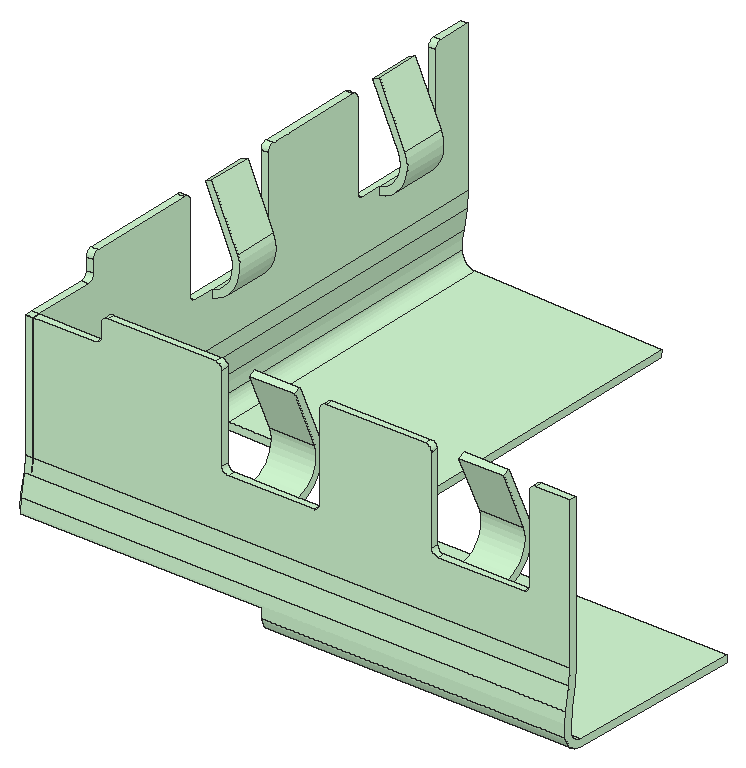
Revit family "25lbarj_el3025_in", category 機械設備, Revit 2022
Family settings
  丸型コネクタ寸法 = 直径を使用
  種別 = なし
  パーツ タイプ = 標準
  作業面ベース = いいえ
  常に垂直 = はい
  ロード時にボイドで切り取り = いいえ
  注釈の向きを維持 = いいえ
  共有 = いいえ
  部屋計算ポイント = いいえ
Parameters
  製造元 = "株式会社桐井製作所"
  既定の高さ = 0 mm
  URL = "https://www.kirii.co.jp/"
  K_材質 = "溶融亜鉛めっき鋼板及び鋼帯 SGCC 一般用"
  K_品名 = "25Lバー入隅J-eL3025(ツメ)"
  K_名称 = "Lバージョイント"
  K_入数 = "300"
  K_備考 = "対象Lバー:eL3025(25面）"
  K_バージョン情報 = "20220915"
  K_めっき付着量 = "Z12"
  K_JIS規格 = "JIS G 3302"
Reference planes
  plane 1 "中心(正面/背面)": y = 0
  plane 2: z = 0
  plane 3 "中心(左/右)": x = 0
Forms (mm)
  Extrusion 1, solid
    sketch origin (0, 0, 0) x (0, 1, 0) y (0, 0, 1)
      loop
        arc (-0.8, 8.594) -> (-0.836, 7.748) -> (-0.943, 6.909) r 10
        line (-0.943, 6.909) -> (-1.357, 4.488)
        arc (-1.357, 4.488) -> (-1.492, 3.205) -> (-1.461, 1.915) r 10
        arc (-1.461, 1.915) -> (-0.699, 0.595) -> (0.72, 0.041) r 2.3
        line (0.72, 0.041) -> (21.2, -0.5) -> (21.228, 0.3) -> (0.747, 0.84)
        arc (0.747, 0.84) -> (-0.324, 1.346) -> (-0.694, 2.472) r 1.5
        arc (-0.694, 2.472) -> (-0.68, 3.416) -> (-0.568, 4.353) r 9.2
        line (-0.568, 4.353) -> (-0.154, 6.774)
        arc (-0.154, 6.774) -> (-0.039, 7.681) -> (0, 8.594) r 10.8
        line (0, 8.594) -> (0, 25.5) -> (-0.8, 25.5) -> (-0.8, 8.594)
    from -0.8 to 60.2
  Extrusion 2, void
    sketch origin (0, 0, 0) x (1, 0, 0) y (0, 0, 1)
      loop
        line (21.2, 24.8) -> (21.2, 15.2)
        arc (21.2, 15.2) -> (21.405, 14.705) -> (21.9, 14.5) r 0.7
        line (21.9, 14.5) -> (31.5, 14.5)
        arc (31.5, 14.5) -> (31.995, 14.705) -> (32.2, 15.2) r 0.7
        line (32.2, 15.2) -> (32.2, 24.8)
        arc (32.2, 24.8) -> (32.405, 25.295) -> (32.9, 25.5) r 0.7
        line (32.9, 25.5) -> (20.5, 25.5)
        arc (20.5, 25.5) -> (20.995, 25.295) -> (21.2, 24.8) r 0.7
    from 0 to 0.8
  Extrusion 3, void
    sketch origin (23.5, 0, 0) x (1, 0, 0) y (0, 0, 1)
      loop
        line (21.2, 24.8) -> (21.2, 15.2)
        arc (21.2, 15.2) -> (21.405, 14.705) -> (21.9, 14.5) r 0.7
        line (21.9, 14.5) -> (31.5, 14.5)
        arc (31.5, 14.5) -> (31.995, 14.705) -> (32.2, 15.2) r 0.7
        line (32.2, 15.2) -> (32.2, 24.8)
        arc (32.2, 24.8) -> (32.405, 25.295) -> (32.9, 25.5) r 0.7
        line (32.9, 25.5) -> (20.5, 25.5)
        arc (20.5, 25.5) -> (20.995, 25.295) -> (21.2, 24.8) r 0.7
    from 0 to 0.8
  Extrusion 4, void
    sketch origin (0, 0, 0) x (0, 1, 0) y (0, 0, 1)
      loop
        line (55.7, 15.2) -> (55.7, 24.8)
        arc (55.7, 24.8) -> (55.905, 25.295) -> (56.4, 25.5) r 0.7
        line (56.4, 25.5) -> (44, 25.5)
        arc (44, 25.5) -> (44.495, 25.295) -> (44.7, 24.8) r 0.7
        line (44.7, 24.8) -> (44.7, 15.2)
        arc (44.7, 15.2) -> (44.905, 14.705) -> (45.4, 14.5) r 0.7
        line (45.4, 14.5) -> (55, 14.5)
        arc (55, 14.5) -> (55.495, 14.705) -> (55.7, 15.2) r 0.7
    from -0.8 to 0
  Extrusion 5, solid
    sketch origin (-0.8, 0, 0) x (-1, 0, 0) y (0, 0, -1)
      loop
        arc (-0.646, -6.776) -> (-0.76, -7.681) -> (-0.8, -8.594) r 10.799
        line (-0.8, -8.594) -> (-0.8, -25.5) -> (0, -25.5) -> (0.001, -8.594)
        arc (0.001, -8.594) -> (0.036, -7.749) -> (0.142, -6.911) r 10
        line (0.142, -6.911) -> (0.556, -4.489)
        arc (0.556, -4.489) -> (0.691, -3.206) -> (0.66, -1.917) r 10
        arc (0.66, -1.917) -> (-0.101, -0.598) -> (-1.521, -0.041) r 2.299
        line (-1.521, -0.041) -> (-22.472, 0.5) -> (-22.5, -0.3) -> (-1.548, -0.842)
        arc (-1.548, -0.842) -> (-0.476, -1.348) -> (-0.106, -2.474) r 1.5
        arc (-0.106, -2.474) -> (-0.126, -3.501) -> (-0.261, -4.52) r 9.201
        line (-0.261, -4.52) -> (-0.646, -6.776)
    from -60.2 to 0.8
  Extrusion 6, void
    sketch origin (0, 0, 0) x (1, 0, 0) y (0, 1, 0)
      loop
        line (26.2, 25.728) -> (-1.736, 25.728) -> (-1.736, -1.829) -> (26.2, -1.829) -> (26.2, 25.728)
    from -0.8 to 3
  Extrusion 7, void
    sketch origin (0, -23.5, 0) x (0, 1, 0) y (0, 0, 1)
      loop
        line (55.7, 15.2) -> (55.7, 24.8)
        arc (55.7, 24.8) -> (55.905, 25.295) -> (56.4, 25.5) r 0.7
        line (56.4, 25.5) -> (44, 25.5)
        arc (44, 25.5) -> (44.495, 25.295) -> (44.7, 24.8) r 0.7
        line (44.7, 24.8) -> (44.7, 15.2)
        arc (44.7, 15.2) -> (44.905, 14.705) -> (45.4, 14.5) r 0.7
        line (45.4, 14.5) -> (55, 14.5)
        arc (55, 14.5) -> (55.495, 14.705) -> (55.7, 15.2) r 0.7
    from -0.8 to 0
  Extrusion 8, void
    sketch origin (0, 0, 0) x (0, 1, 0) y (0, 0, 1)
      loop
        line (8.4, 25.5) -> (-0.8, 25.5) -> (-0.8, 22.7) -> (7, 22.7)
        arc (7, 22.7) -> (7.495, 22.905) -> (7.7, 23.4) r 0.7
        line (7.7, 23.4) -> (7.7, 24.8)
        arc (7.7, 24.8) -> (7.905, 25.295) -> (8.4, 25.5) r 0.7
    from -0.8 to 0
  Extrusion 9, void
    sketch origin (0, -0.8, 0) x (1, 0, 0) y (0, 0, 1)
      loop
        line (8.4, 25.5) -> (-0.8, 25.5) -> (-0.8, 22.7) -> (7, 22.7)
        arc (7, 22.7) -> (7.495, 22.905) -> (7.7, 23.4) r 0.7
        line (7.7, 23.4) -> (7.7, 24.8)
        arc (7.7, 24.8) -> (7.905, 25.295) -> (8.4, 25.5) r 0.7
    from -0.8 to 0
  Extrusion 10, solid
    sketch origin (122, 0, -5.321) x (0, -1, 0) y (0, 0, -1)
      loop
        line (0.665, -30.525) -> (-2.199, -24.083)
        arc (-2.199, -24.083) -> (-2.047, -21.458) -> (0, -19.821) r 3.2
        line (0, -19.821) -> (0, -19)
        arc (0, -19) -> (-2.72, -21.019) -> (-2.915, -24.402) r 4
        line (-2.915, -24.402) -> (-0.067, -30.85) -> (0.665, -30.525)
    from -74.3 to -69.3
  Extrusion 11, solid
    sketch origin (98.5, 0, -5.321) x (0, -1, 0) y (0, 0, -1)
      loop
        line (0.665, -30.525) -> (-2.199, -24.083)
        arc (-2.199, -24.083) -> (-2.047, -21.458) -> (0, -19.821) r 3.2
        line (0, -19.821) -> (0, -19)
        arc (0, -19) -> (-2.72, -21.019) -> (-2.915, -24.402) r 4
        line (-2.915, -24.402) -> (-0.067, -30.85) -> (0.665, -30.525)
    from -74.3 to -69.3
  Extrusion 12, solid
    sketch origin (0, -23.9, -5.321) x (-1, 0, 0) y (0, 0, -1)
      loop
        line (0.665, -30.525) -> (-2.199, -24.083)
        arc (-2.199, -24.083) -> (-2.047, -21.458) -> (0, -19.821) r 3.2
        line (0, -19.821) -> (0, -19)
        arc (0, -19) -> (-2.72, -21.019) -> (-2.915, -24.402) r 4
        line (-2.915, -24.402) -> (-0.067, -30.85) -> (0.665, -30.525)
    from -76.6 to -71.6
  Extrusion 13, solid
    sketch origin (0, -45.1, -5.321) x (-1, 0, 0) y (0, 0, -1)
      loop
        line (0.665, -30.525) -> (-2.199, -24.083)
        arc (-2.199, -24.083) -> (-2.047, -21.458) -> (0, -19.821) r 3.2
        line (0, -19.821) -> (0, -19)
        arc (0, -19) -> (-2.72, -21.019) -> (-2.915, -24.402) r 4
        line (-2.915, -24.402) -> (-0.067, -30.85) -> (0.665, -30.525)
    from -74.3 to -69.3
Cuts and joins
  Extrusion 2, Extrusion 3, Extrusion 6, Extrusion 8, Extrusion 9 cuts Extrusion 1
  joined: Extrusion 1, Extrusion 10, Extrusion 11
  Extrusion 4, Extrusion 6, Extrusion 7, Extrusion 8, Extrusion 9 cuts Extrusion 5
  joined: Extrusion 5, Extrusion 12, Extrusion 13
Dimensions and locks
  aligned and locked: level to plane 2
